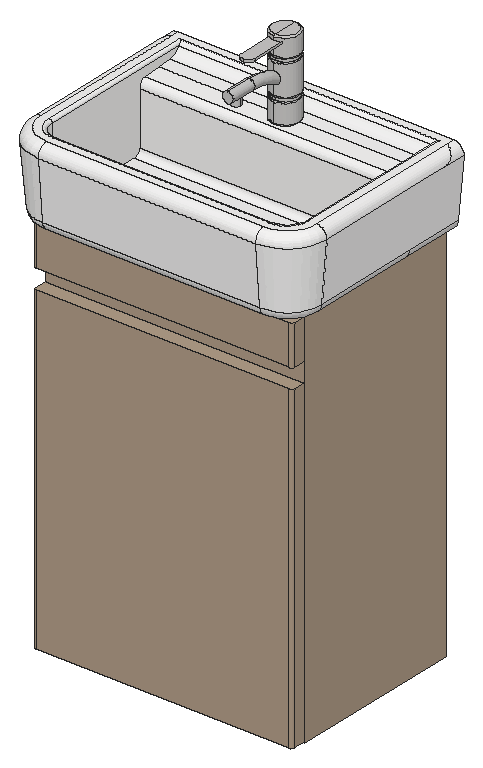
Revit family "CONV_Geberit_StorageUnits_IfoRenovaNr1Plan_45", category Furniture, Revit 2016
Family settings
  OmniClass Number = 23.40.20.21
  OmniClass Title = Toilet and Bath Specialties
  Work Plane-Based = No
  Always vertical = Yes
  Cut with Voids When Loaded = No
  Shared = No
  Room Calculation Point = No
Parameters (values of type "Ifo Renova Nr. 1 Plan Cabinet - 45 cm Elm")
  WashbasinVisibility [instance] = yes
  WarrantyStartDate [instance] = "n/a"
  WarrantyGuarantorParts = "n/a"
  WarrantyGuarantorLabor = "n/a"
  WarrantyDurationUnit = "Year"
  WarrantyDurationParts = "n/a"
  WarrantyDurationLabor = "n/a"
  WarrantyDescription = "n/a"
  VersionDate = "16/04/2018"  # constant formula
  Version = "1"  # constant formula
  Uniclass2015Reference = "Pr_40_30_78_03"
  Uniclass2015Description = "Bathroom cabinets"
  Uniclass2 = "Pr_40_30_78_06"
  URL = "https://www.ifo.se/"
  Type Comments = ""
  TagNumber [instance] = "n/a"
  SustainabilityPerformance = "n/a"
  Style = "n/a"
  Size = "450x320x810 mm"
  Shape = "Rectangular"
  SerialNumber [instance] = "n/a"
  Revision = "n/a"
  ReplacementCost = "n/a"
  ProductURL_SE = "http://www.ifo.se/produkter/mobler/"
  ProductURL_NO = "http://www.ifosanitar.no/produkter/baderomsmbler/"
  ProductURL_DK = "http://www.ifo.dk/produkter/badevrelsesmbler/"
  ProductInformation = "Ifo Renova Nr. 1 plan cabinet in moisture resistant material with soft closing cover that can be right or left mounted. The integrated handle makes the door easy to open. Washbasins are ordered separately."
  NotWashbasin [instance] = not(WashbasinVisibility)  # no
  NominalLength = 450 mm
  NominalHeight = 810.4 mm
  NominalDepth = 320 mm
  Name = "StorageUnits_IfoRenovaNr1Plan_45"
  NBSReference = "45-35-72/318"
  NBSDescription = "Bathroom cabinets"
  ModelReference = "n/a"
  ModelNumber = "44752"
  Material = "Wood, metal, porcelain"
  ManufacturerURL = "https://www.ifo.se/"
  ManufacturerName = "Ifo (Geberit Group)"
  MainColor = "Wooden"
  InstallationDate [instance] = "n/a"
  ExpiringDate = "12/2018"  # constant formula
  Elevation [instance] = 450 mm
  EANNumber = "7391515443837"
  Description = ""
  Collection = "Ifo Renova"
  Model = "Ifo Renova Nr. 1 Plan Cabinet - 45 cm Elm"
  Manufacturer = "Ifo (Geberit Group)"
  IfcExportType = "CABINET"  # constant formula
  IfcExportAs = "IfcFurnitureType"  # constant formula
  Grade = "n/a"
  Finish = "n/a"
  Features = "n/a"
  ExpectedLife = "n/a"
  DurationUnit = "Year"
  Cost = 0
  ConvergoRefNr = "0132-1802-0006-SE"
  Constituents = "Washbasin sold separately"
  Color = "Wooden"
  CodePerformance = "n/a"
  Category = "Sink Cabinet"
  CabinetTertiaryMaterial = Stainless Steel, Polished
  CabinetSecondaryMaterial = Porcelain, White
  CabinetMainMaterial = Elm
  Brand = "Ifo"
  Barcode [instance] = "n/a"
  BIMObjectName = "CONV_Geberit_StorageUnits_IfoRenovaNr1Plan_45"
  Author = "Convergo AB"  # constant formula
  AssetType = "Fixed"
  AssetIdentifier [instance] = "n/a"
  AccessibilityPerformance = "n/a"
Types (4, lengths in mm): name | ModelNumber | MainColor | Elevation | EANNumber | Model | Color | CabinetMainMaterial
  (no name) | "44752" | "Wooden" | 450 | "7391515443837" | "Ifo Renova Nr. 1 Plan Cabinet - 45 cm Elm" | "Wooden" | Elm
  Ifo Renova Nr. 1 Plan Cabinet - 45 cm White | "44750" | "White" | 444.872 | "7391515443370" | "Ifo Renova Nr. 1 Plan Cabinet - 45 cm White" | "White" | White
  Ifo Renova Nr. 1 Plan Cabinet - 45 cm Grey | "44751" | "Grey" | 444.872 | "7391515443820" | "Ifo Renova Nr. 1 Plan Cabinet - 45 cm Grey" | "Grey" | Grey
  Ifo Renova Nr. 1 Plan Cabinet - 45 cm Elm | "44752" | "Wooden" | 450 | "7391515443837" | "Ifo Renova Nr. 1 Plan Cabinet - 45 cm Elm" | "Wooden" | Elm
Reference planes
  plane 1 "Center (Front/Back)": y = 0
  plane 2: z = 0
  plane 3 "Center (Left/Right)": x = 0
  plane 4: y = 160
  plane 5: y = -160
  plane 6: x = -225
  plane 7: x = 225
  plane 8: z = 450
  plane 9: z = 1260.4
Forms (mm)
  Extrusion 1, solid, material "Elm" <- "CabinetMainMaterial", visible <- "WashbasinVisibility", detail levels coarse
    sketch origin (0, 0, 0.013) x (1, 0, 0) y (0, 0, 1)
      loop
        line (-225, 1260.387) -> (-225, 449.987) -> (225, 449.987) -> (225, 1260.387) -> (-225, 1260.387)
    from 160 to -160
  Extrusion 2, solid, material "Elm" <- "CabinetMainMaterial", visible <- "NotWashbasin", detail levels coarse
    sketch origin (0, 0, 0) x (1, 0, 0) y (0, 0, 1)
      loop
        line (-197, 1029) -> (-197, 450) -> (197, 450) -> (197, 1029) -> (-197, 1029)
    from 130 to -160
Lines and regions (mm)
  symbolic lines, visible <- "WashbasinVisibility", detail levels medium+fine
    curve 1: line (0, 160, 1150) -> (0, 123.259, 1150)
    curve 2: arc (0, -154.598, 1150) -> (0, -158.48, 1148.392) -> (0, -160.088, 1144.51) r 5.49
    curve 3: arc (0, -160.088, 1144.51) -> (0, -157.261, 1088.298) -> (0, -148.809, 1032.653) r 560.322
    curve 4: arc (0, -148.809, 1032.653) -> (0, -147.377, 1030.12) -> (0, -144.692, 1029) r 4.485
    curve 5: line (0, -144.692, 1029) -> (0, -125.268, 1029)
    curve 6: line (0, 160, 1150) -> (0, 160, 1029)
    curve 17: line (-219.41, 0, 1148.848) -> (-21.001, 0, 1148.848)
    curve 18: arc (-220.884, 0, 1148.769) -> (-220.148, 0, 1148.828) -> (-219.41, 0, 1148.848) r 13.757
    curve 19: arc (-225, 0, 1143.888) -> (-223.921, 0, 1147.154) -> (-220.884, 0, 1148.769) r 4.62
    curve 20: arc (-211.9, 0, 1029.054) -> (-219.208, 0, 1086.384) -> (-225, 0, 1143.888) r 2189.952
    curve 21: arc (-211.166, 0, 1029) -> (-211.534, 0, 1029.01) -> (-211.9, 0, 1029.054) r 3.967
    curve 22: line (-211.166, 0, 1029) -> (-197.012, 0, 1029)
    curve 31: line (-222.737, 160, 0) -> (0, 160, 0)
    curve 32: arc (-222.737, 160, 0) -> (-225.05, 20.453, 0) -> (-222.737, -119.095, 0) r 4210.49
    curve 33: arc (-222.737, -119.095, 0) -> (-214.058, -141.838, 0) -> (-193.223, -154.426, 0) r 37.41
    curve 34: arc (-193.223, -154.426, 0) -> (-186.271, -155.634, 0) -> (-179.244, -156.28, 0) r 87.906
    curve 47: line (0, 120.851, 1260.413) -> (0, 83.651, 1260.413)
    curve 48: line (0, 120.851, 1260.413) -> (0, 123.251, 1258.013)
    curve 49: line (0, 123.251, 1258.013) -> (0, 123.251, 1231.466)
    curve 50: line (0, 83.651, 1260.413) -> (0, 81.251, 1258.013)
    curve 51: line (0, 81.251, 1258.013) -> (0, 81.251, 1253.169)
    curve 55: line (0, 81.251, 1250.169) -> (0, 81.251, 1231.466)
    curve 56: line (0, 81.251, 1253.169) -> (0, 22.197, 1253.169)
    curve 57: line (0, 22.197, 1253.169) -> (0, 22.197, 1250.169)
    curve 58: line (0, 22.197, 1250.169) -> (0, 81.251, 1250.169)
    curve 59: line (0, 15.868, 1205.538) -> (0, 15.868, 1198.538)
    curve 60: line (0, 15.868, 1198.538) -> (0, 1.875, 1198.538)
    curve 61: line (0, 1.875, 1198.538) -> (0, 1.875, 1205.538)
    curve 62: line (0, 1.875, 1205.538) -> (0, -6.204, 1205.538)
    curve 63: line (0, -6.204, 1205.538) -> (0, -6.204, 1221.538)
    curve 64: line (0, -6.204, 1221.538) -> (0, 34.727, 1221.538)
    curve 65: arc (0, 34.727, 1221.538) -> (0, 58.54, 1218.962) -> (0, 81.251, 1211.351) r 111.325
    curve 66: line (0, 15.868, 1205.538) -> (0, 34.931, 1205.538)
    curve 67: arc (0, 34.931, 1205.538) -> (0, 58.859, 1202.482) -> (0, 81.251, 1193.509) r 95.194
    curve 70: line (0, 81.251, 1211.351) -> (0, 81.251, 1223.425)
    curve 71: line (0, 122.27, 1224.425) -> (0, 121.005, 1224.425)
    curve 72: line (0, 122.251, 1230.466) -> (0, 121.005, 1230.466)
    curve 73: arc (0, 123.251, 1231.466) -> (0, 122.958, 1230.759) -> (0, 122.251, 1230.466) r 1
    curve 74: line (0, 123.27, 1223.425) -> (0, 123.27, 1177.417)
    curve 75: line (0, 123.259, 1150) -> (0, 123.259, 1169.431)
    curve 76: line (0, 122.259, 1170.431) -> (0, 121.036, 1170.431)
    curve 77: line (0, 81.283, 1150) -> (0, 81.283, 1169.431)
    curve 78: arc (0, 123.259, 1169.431) -> (0, 122.966, 1170.138) -> (0, 122.259, 1170.431) r 1
    curve 79: arc (0, 82.283, 1170.431) -> (0, 81.576, 1170.138) -> (0, 81.283, 1169.431) r 1
    curve 80: arc (0, 123.27, 1223.425) -> (0, 122.977, 1224.133) -> (0, 122.27, 1224.425) r 1
    curve 81: arc (0, 81.251, 1223.425) -> (0, 81.543, 1224.133) -> (0, 82.251, 1224.425) r 1
    curve 82: arc (0, 82.251, 1230.466) -> (0, 81.543, 1230.759) -> (0, 81.251, 1231.466) r 1
    curve 83: line (0, 81.251, 1193.509) -> (0, 81.251, 1177.417)
    curve 84: line (0, 82.251, 1176.417) -> (0, 83.603, 1176.417)
    curve 85: arc (0, 82.251, 1176.417) -> (0, 81.543, 1176.709) -> (0, 81.251, 1177.417) r 1
    curve 86: arc (0, 122.27, 1176.417) -> (0, 122.977, 1176.709) -> (0, 123.27, 1177.417) r 1
    curve 87: line (0, 121.036, 1176.417) -> (0, 121.036, 1170.431)
    curve 88: line (0, 83.603, 1176.417) -> (0, 83.603, 1170.431)
    curve 89: line (0, 121.005, 1230.466) -> (0, 121.005, 1224.425)
    curve 90: line (0, 83.655, 1230.466) -> (0, 83.655, 1224.425)
    curve 92: line (0, 83.655, 1230.466) -> (0, 82.251, 1230.466)
    curve 94: line (0, 83.655, 1224.425) -> (0, 82.251, 1224.425)
    curve 96: line (0, 121.036, 1176.417) -> (0, 122.27, 1176.417)
    curve 98: line (0, 83.603, 1170.431) -> (0, 82.283, 1170.431)
    curve 100: line (0, 81.283, 1150) -> (0, -154.598, 1150)
    curve 102: line (-18.6, 0, 1260.4) -> (-21, 0, 1258)
    curve 104: line (-21, 0, 1258) -> (-21, 0, 1230.45)
    curve 105: line (-20, 0, 1229.45) -> (-18.68, 0, 1229.45)
    curve 106: line (-21.01, 0, 1222.498) -> (-21.01, 0, 1176.44)
    curve 107: line (-20.01, 0, 1175.44) -> (-18.645, 0, 1175.44)
    curve 108: line (-20.001, 0, 1169.469) -> (-18.645, 0, 1169.469)
    curve 109: line (-21.001, 0, 1168.469) -> (-21.001, 0, 1148.848)
    curve 110: arc (-21.001, 0, 1168.469) -> (-20.709, 0, 1169.176) -> (-20.001, 0, 1169.469) r 1
    curve 111: arc (-20.01, 0, 1175.44) -> (-20.717, 0, 1175.733) -> (-21.01, 0, 1176.44) r 1
    curve 112: arc (-21.01, 0, 1222.498) -> (-20.717, 0, 1223.205) -> (-20.01, 0, 1223.498) r 1
    curve 113: arc (-20, 0, 1229.45) -> (-20.707, 0, 1229.743) -> (-21, 0, 1230.45) r 1
    curve 116: line (-18.645, 0, 1175.44) -> (-18.645, 0, 1169.469)
    curve 117: line (-18.68, 0, 1229.45) -> (-18.68, 0, 1223.498)
    curve 118: line (-18.68, 0, 1223.498) -> (-20.01, 0, 1223.498)
    curve 120: arc (220.884, 0, 1148.769) -> (220.148, 0, 1148.828) -> (219.41, 0, 1148.848) r 13.757
    curve 121: arc (225, 0, 1143.888) -> (223.921, 0, 1147.154) -> (220.884, 0, 1148.769) r 4.62
    curve 122: arc (215.184, 0, 1032.517) -> (220.804, 0, 1088.139) -> (225, 0, 1143.888) r 2185.877
    curve 123: arc (211.166, 0, 1029) -> (213.855, 0, 1029.981) -> (215.184, 0, 1032.517) r 3.967
    curve 124: line (211.166, 0, 1029) -> (197.012, 0, 1029)
    curve 134: line (18.6, 0, 1260.4) -> (21, 0, 1258)
    curve 136: line (21, 0, 1258) -> (21, 0, 1230.45)
    curve 137: line (20, 0, 1229.45) -> (18.68, 0, 1229.45)
    curve 138: line (21.01, 0, 1222.498) -> (21.01, 0, 1176.44)
    curve 139: line (20.01, 0, 1175.44) -> (18.645, 0, 1175.44)
    curve 140: line (20.001, 0, 1169.469) -> (18.645, 0, 1169.469)
    curve 141: line (21.001, 0, 1168.469) -> (21.001, 0, 1148.848)
    curve 142: arc (21.001, 0, 1168.469) -> (20.709, 0, 1169.176) -> (20.001, 0, 1169.469) r 1
    curve 143: arc (20.01, 0, 1175.44) -> (20.717, 0, 1175.733) -> (21.01, 0, 1176.44) r 1
    curve 144: arc (21.01, 0, 1222.498) -> (20.717, 0, 1223.205) -> (20.01, 0, 1223.498) r 1
    curve 145: arc (20, 0, 1229.45) -> (20.707, 0, 1229.743) -> (21, 0, 1230.45) r 1
    curve 148: line (18.645, 0, 1175.44) -> (18.645, 0, 1169.469)
    curve 149: line (18.68, 0, 1229.45) -> (18.68, 0, 1223.498)
    curve 150: line (18.68, 0, 1223.498) -> (20.01, 0, 1223.498)
    curve 162: line (222.737, 160, 0) -> (0, 160, 0)
    curve 163: arc (222.737, 160, 0) -> (225.05, 20.453, 0) -> (222.737, -119.095, 0) r 4210.49
    curve 164: arc (222.737, -119.095, 0) -> (214.058, -141.838, 0) -> (193.223, -154.426, 0) r 37.41
    curve 186: arc (193.223, -154.426, 0) -> (186.271, -155.634, 0) -> (179.244, -156.28, 0) r 87.906
    curve 187: arc (-179.244, -156.28, 0) -> (0, -160.898, 0) -> (179.244, -156.28, 0) r 3480.433
    curve 197: line (-18.6, 0, 1260.4) -> (18.6, 0, 1260.4)
    curve 199: line (21.001, 0, 1148.848) -> (220.59, 0, 1148.848)
  symbolic lines, detail levels medium+fine
    curve 7: line (0, 160, 450) -> (0, -107, 450)
    curve 8: line (0, -107, 939) -> (0, -127, 939)
    curve 9: line (0, -107, 969.282) -> (0, -126.648, 969.282)
    curve 10: line (0, -128.225, 1026.043) -> (0, -128.225, 970.859)
    curve 11: arc (0, -128.225, 970.859) -> (0, -127.763, 969.744) -> (0, -126.648, 969.282) r 1.577
    curve 12: arc (0, -125.268, 1029) -> (0, -127.359, 1028.134) -> (0, -128.225, 1026.043) r 2.957
    curve 13: line (0, -129, 937) -> (0, -129, 452)
    curve 14: line (0, -107, 450) -> (0, -127, 450)
    curve 15: arc (0, -127, 450) -> (0, -128.414, 450.586) -> (0, -129, 452) r 2
    curve 16: arc (0, -127, 939) -> (0, -128.414, 938.414) -> (0, -129, 937) r 2
    curve 23: line (-197.012, 0, 1029) -> (-197.012, 0, 452)
    curve 27: line (-195.012, 0, 450) -> (0, 0, 450)
    curve 125: line (197.012, 0, 1029) -> (197.012, 0, 452)
    curve 129: line (195.012, 0, 450) -> (0, 0, 450)
    curve 188: line (0, 160, 1029) -> (0, 160, 450)
    curve 200: arc (195.012, 0, 450) -> (196.426, 0, 450.586) -> (197.012, 0, 452) r 2
    curve 201: arc (-197.012, 0, 452) -> (-196.426, 0, 450.586) -> (-195.012, 0, 450) r 2
    curve 203: line (0, -107, 939) -> (0, -107, 969.282)
  symbolic lines, detail levels fine
    curve 24: line (-195.012, 0, 969) -> (0, 0, 969)
    curve 25: line (-181.012, 0, 969) -> (-181.012, 0, 939)
    curve 26: line (-195.012, 0, 939) -> (0, 0, 939)
    curve 28: arc (-197.012, 0, 937) -> (-196.426, 0, 938.414) -> (-195.012, 0, 939) r 2
    curve 29: arc (-197.012, 0, 971) -> (-196.426, 0, 969.586) -> (-195.012, 0, 969) r 2
    curve 30: arc (-197.012, 0, 1027) -> (-196.426, 0, 1028.414) -> (-195.012, 0, 1029) r 2
    curve 45: line (0, -107, 506.5) -> (0, -107, 939)
    curve 46: line (0, -107, 1021.77) -> (0, -107, 1029)
    curve 126: line (195.012, 0, 969) -> (0, 0, 969)
    curve 127: line (181.012, 0, 969) -> (181.012, 0, 939)
    curve 128: line (195.012, 0, 939) -> (0, 0, 939)
    curve 130: arc (197.012, 0, 937) -> (196.426, 0, 938.414) -> (195.012, 0, 939) r 2
    curve 131: arc (197.012, 0, 971) -> (196.426, 0, 969.586) -> (195.012, 0, 969) r 2
    curve 132: arc (197.012, 0, 1027) -> (196.426, 0, 1028.414) -> (195.012, 0, 1029) r 2
    curve 202: line (0, -107, 450) -> (0, -107, 506.5)
    curve 204: line (0, -107, 969.282) -> (0, -107, 1021.77)
    curve 205: line (0, -125.268, 1029) -> (0, -107, 1029)
  symbolic lines, visible <- "WashbasinVisibility", detail levels fine
    curve 35: line (-188.296, 37.822, 0) -> (-188.296, -97.178, 0)
    curve 36: arc (-188.296, -97.178, 0) -> (-181.577, -113.397, 0) -> (-165.357, -120.116, 0) r 22.938
    curve 37: arc (-166.422, 59.696, 0) -> (-181.889, 53.289, 0) -> (-188.296, 37.822, 0) r 21.873
    curve 38: circle (0, 0, 0) r 22.816 normal (0, 0, 1)
    curve 39: line (-181.677, 144.524, 0) -> (0, 144.524, 0)
    curve 40: arc (-193.882, 132.319, 0) -> (-190.307, 140.95, 0) -> (-181.677, 144.524, 0) r 12.205
    curve 41: line (-193.882, 132.319, 0) -> (-193.882, 52.319, 0)
    curve 42: arc (-193.882, 52.319, 0) -> (-192.451, 43.244, 0) -> (-188.296, 35.051, 0) r 29.483
    curve 43: line (-197.012, 0, 1029) -> (0, 0, 1029)
    curve 44: line (0, -107, 1029) -> (0, 160, 1029)
    curve 52: line (0, 81.251, 1253.169) -> (0, 83.784, 1253.169)
    curve 53: line (0, 83.784, 1253.169) -> (0, 83.784, 1250.169)
    curve 54: line (0, 83.784, 1250.169) -> (0, 81.251, 1250.169)
    curve 68: arc (0, 81.251, 1211.351) -> (0, 82.923, 1202.43) -> (0, 81.251, 1193.509) r 24.624
    curve 69: arc (0, 15.868, 1205.538) -> (0, 8.871, 1209.539) -> (0, 1.875, 1205.538) r 8.118
    curve 91: line (0, 121.005, 1230.466) -> (0, 83.655, 1230.466)
    curve 93: line (0, 121.005, 1224.425) -> (0, 83.655, 1224.425)
    curve 95: line (0, 83.603, 1176.417) -> (0, 121.036, 1176.417)
    curve 97: line (0, 121.036, 1170.431) -> (0, 83.603, 1170.431)
    curve 99: line (0, 123.259, 1150) -> (0, 81.283, 1150)
    curve 103: line (-10, 0, 1252.169) -> (-10, 0, 1249.169)
    curve 114: arc (0, 0, 1220.538) -> (-8, 0, 1212.538) -> (0, 0, 1204.538) r 8
    curve 115: line (-6.996, 0, 1197.538) -> (-6.996, 0, 1208.659)
    curve 133: line (197.012, 0, 1029) -> (0, 0, 1029)
    curve 135: line (10, 0, 1252.169) -> (10, 0, 1249.169)
    curve 146: arc (0, 0, 1220.538) -> (8, 0, 1212.538) -> (0, 0, 1204.538) r 8
    curve 147: line (6.996, 0, 1197.538) -> (6.996, 0, 1208.659)
    curve 152: arc (0, 123.251, 0) -> (-21, 102.251, 0) -> (0, 81.251, 0) r 21
    curve 153: line (-7.995, 82.832, 0) -> (-7.995, 49.653, 0)
    curve 154: arc (-7.995, 49.653, 0) -> (-5.655, 43.989, 0) -> (0, 41.629, 0) r 8.024
    curve 165: line (188.296, 37.822, 0) -> (188.296, -97.178, 0)
    curve 166: arc (188.296, -97.178, 0) -> (181.577, -113.397, 0) -> (165.357, -120.116, 0) r 22.938
    curve 167: arc (166.422, 59.696, 0) -> (181.889, 53.289, 0) -> (188.296, 37.822, 0) r 21.873
    curve 168: line (181.677, 144.524, 0) -> (0, 144.524, 0)
    curve 169: arc (193.882, 132.319, 0) -> (190.307, 140.95, 0) -> (181.677, 144.524, 0) r 12.205
    curve 170: line (193.882, 132.319, 0) -> (193.882, 52.319, 0)
    curve 171: arc (193.882, 52.319, 0) -> (192.451, 43.244, 0) -> (188.296, 35.051, 0) r 29.483
    curve 172: arc (0, 123.251, 0) -> (21, 102.251, 0) -> (0, 81.251, 0) r 21
    curve 173: line (7.995, 82.832, 0) -> (7.995, 49.653, 0)
    curve 174: arc (7.995, 49.653, 0) -> (5.655, 43.989, 0) -> (0, 41.629, 0) r 8.024
    curve 182: line (-165.357, -120.116, 0) -> (165.357, -120.116, 0)
    curve 183: line (-166.422, 59.696, 0) -> (-7.995, 59.696, 0)
    curve 184: line (7.995, 59.696, 0) -> (166.422, 59.696, 0)
    curve 185: line (0, 123.251, 1258.013) -> (0, 81.251, 1258.013)
    curve 189: line (-18.68, 0, 1229.45) -> (18.68, 0, 1229.45)
    curve 190: line (-18.645, 0, 1169.469) -> (18.645, 0, 1169.469)
    curve 191: line (-18.645, 0, 1175.44) -> (18.645, 0, 1175.44)
    curve 192: line (-6.996, 0, 1197.538) -> (6.996, 0, 1197.538)
    curve 193: line (-18.68, 0, 1223.498) -> (18.68, 0, 1223.498)
    curve 194: line (-10, 0, 1249.169) -> (10, 0, 1249.169)
    curve 195: line (-10, 0, 1252.169) -> (10, 0, 1252.169)
    curve 196: line (-21, 0, 1258) -> (21, 0, 1258)
    curve 198: line (-21.001, 0, 1148.848) -> (21.001, 0, 1148.848)
  symbolic lines, visible <- "NotWashbasin", detail levels medium+fine
    curve 101: line (0, 160, 1029) -> (0, -107, 1029)
    curve 119: line (-197.012, 0, 1029) -> (0, 0, 1029)
    curve 151: line (197.012, 0, 1029) -> (0, 0, 1029)
    curve 155: line (-197, 160, 0) -> (-197, -106.955, 0)
    curve 156: line (-197, -106.955, 0) -> (-196.5, -106.955, 0)
    curve 157: line (-196.5, -106.955, 0) -> (-196.5, -125, 0)
    curve 158: line (-191.5, -130, 0) -> (0, -130, 0)
    curve 159: arc (-196.5, -125, 0) -> (-195.036, -128.536, 0) -> (-191.5, -130, 0) r 5
    curve 161: line (-197, 160, 0) -> (0, 160, 0)
    curve 175: line (197, 160, 0) -> (197, -106.955, 0)
    curve 176: line (197, -106.955, 0) -> (196.5, -106.955, 0)
    curve 177: line (196.5, -106.955, 0) -> (196.5, -125, 0)
    curve 178: line (191.5, -130, 0) -> (0, -130, 0)
    curve 179: arc (196.5, -125, 0) -> (195.036, -128.536, 0) -> (191.5, -130, 0) r 5
    curve 181: line (197, 160, 0) -> (0, 160, 0)
    curve 206: line (0, -107, 1029) -> (0, -125.268, 1029)
  symbolic lines, visible <- "NotWashbasin", detail levels fine
    curve 160: line (-196.5, -106.955, 0) -> (-0.003, -106.955, 0)
    curve 180: line (196.5, -106.955, 0) -> (-0.003, -106.955, 0)
Dimensions and locks
  equal spacing: plane 6, plane 3 "Center (Left/Right)", plane 7
  "NominalLength": plane 6 to plane 7
  equal spacing: plane 4, plane 1 "Center (Front/Back)", plane 5
  "NominalDepth": plane 4 to plane 5
  "Elevation": plane 8 to level
  "NominalHeight": plane 8 to plane 9
  aligned and locked: level to plane 2
  aligned and locked: curve 6 to plane 4
  aligned and locked: plane 8 to curve 7
  aligned and locked: plane 4 to nested 1
  aligned and locked: plane 8 to nested 1
  aligned and locked: nested 2 to plane 4
  aligned and locked: nested 1 to plane 8
  aligned and locked: curve 47 to nested 2
  aligned and locked: Extrusion 1 sketch curve to nested 2
  aligned and locked: plane 8 to Extrusion 1 sketch curve
  aligned and locked: plane 7 to Extrusion 1 sketch curve
  aligned and locked: Extrusion 1 to plane 5
  aligned and locked: plane 4 to Extrusion 1
  aligned and locked: Extrusion 1 to plane 9
  aligned and locked: nested 2 to nested 1
  aligned and locked: Extrusion 2 sketch curve to nested 1  (x3)
  aligned and locked: Extrusion 2 to curve 6
  aligned and locked: Extrusion 2 to plane 8
Automatic sketch dimensions
  curve 32 to plane 4 = 0 mm
  curve 152 to plane 3 "Center (Left/Right)" = 0 mm
  plane 1 "Center (Front/Back)" to curve 38 = 0 mm
  curve 38 to plane 3 "Center (Left/Right)" = 0 mm
  curve 158 to plane 3 "Center (Left/Right)" = 0 mm
  curve 154 to plane 3 "Center (Left/Right)" = 0 mm
  curve 161 to plane 3 "Center (Left/Right)" = 0 mm
  curve 187 to plane 3 "Center (Left/Right)" = 0 mm
  curve 168 to plane 3 "Center (Left/Right)" = 0 mm
  curve 174 to plane 3 "Center (Left/Right)" = 0.029 mm
  curve 153 to curve 174 = 7.966 mm
  plane 6 to curve 42 = 60.601 mm
  plane 6 to curve 182 = 59.643 mm
  curve 37 to curve 42 = 2.023 mm
  curve 34 to curve 36 = 9.359 mm
  plane 6 to curve 40 = 43.323 mm
  curve 33 to curve 36 = 19.99 mm
  curve 35 to curve 33 = 2.948 mm
  curve 159 to curve 33 = 6.152 mm
  curve 41 to curve 40 = 12.205 mm
  curve 157 to curve 36 = 8.204 mm
  curve 156 to curve 156 = 0.5 mm
  plane 6 to curve 31 = 2.263 mm
  curve 163 to plane 1 "Center (Front/Back)" = 20.453 mm
  curve 163 to plane 6 = 3760.44 mm
  plane 3 "Center (Left/Right)" to curve 154 = 0.029 mm
  curve 154 to curve 173 = 7.966 mm
  plane 7 to curve 182 = 59.643 mm
  curve 171 to curve 184 = 2.023 mm
  curve 166 to curve 186 = 9.359 mm
  curve 168 to plane 4 = 15.476 mm
  plane 7 to curve 168 = 43.323 mm
  curve 166 to curve 164 = 19.99 mm
  curve 167 to curve 165 = 21.873 mm
  curve 164 to curve 178 = 6.152 mm
  curve 169 to curve 170 = 12.205 mm
  curve 166 to curve 176 = 8.204 mm
  curve 169 to curve 181 = 15.323 mm
  plane 7 to curve 162 = 2.263 mm
  curve 32 to plane 1 "Center (Front/Back)" = 20.453 mm
  curve 32 to plane 7 = 3760.44 mm
  plane 1 "Center (Front/Back)" to curve 186 = 68.49 mm
  plane 1 "Center (Front/Back)" to curve 34 = 68.49 mm
  curve 35 to curve 34 = 28.688 mm
  curve 156 to curve 36 = 9.778 mm
  curve 180 to curve 166 = 9.778 mm
  curve 33 to curve 156 = 10.9 mm
  curve 164 to curve 176 = 10.9 mm
  curve 157 to curve 33 = 7.145 mm
  curve 167 to plane 1 "Center (Front/Back)" = 37.822 mm
  curve 37 to plane 1 "Center (Front/Back)" = 37.822 mm
  curve 154 to curve 184 = 10.043 mm
  curve 42 to curve 183 = 7.377 mm
  curve 171 to curve 184 = 7.377 mm
  curve 152 to curve 39 = 42.274 mm
  curve 31 to curve 187 = 3159.535 mm
  plane 5 to curve 187 = 3.72 mm
  curve 34 to curve 187 = 0 mm
  curve 33 to curve 34 = 0 mm
  curve 180 to plane 3 "Center (Left/Right)" = 0.003 mm
  curve 186 to curve 187 = 0 mm
  curve 164 to curve 186 = 0 mm
  curve 152 to curve 152 = 21 mm
  Extrusion 1 sketch curve to Extrusion 1 sketch curve = 810.4 mm
  plane 9 to curve 54 = 10.231 mm
  curve 54 to curve 47 = 37.066 mm
  curve 93 to curve 53 = 0.13 mm
  curve 47 to plane 9 = 0.013 mm
  curve 47 to curve 52 = 0.134 mm
  curve 88 to curve 90 = 0.052 mm
  curve 98 to curve 88 = 1.32 mm
  curve 85 to curve 84 = 1.352 mm
  curve 81 to curve 90 = 1.404 mm
  curve 82 to curve 90 = 1.404 mm
  curve 100 to curve 79 = 1 mm
  curve 70 to curve 81 = 1 mm
  curve 185 to curve 47 = 2.4 mm
  curve 58 to curve 53 = 2.534 mm
  curve 83 to curve 85 = 1 mm
  curve 68 to curve 70 = 22.951 mm
  curve 66 to curve 68 = 23.369 mm
  curve 64 to curve 66 = 0.204 mm
  plane 9 to curve 57 = 7.231 mm
  curve 57 to plane 1 "Center (Front/Back)" = 22.197 mm
  curve 59 to plane 1 "Center (Front/Back)" = 15.868 mm
  curve 69 to curve 59 = 6.996 mm
  curve 61 to plane 1 "Center (Front/Back)" = 1.875 mm
  plane 1 "Center (Front/Back)" to curve 62 = 6.204 mm
  plane 5 to curve 101 = 53 mm
  curve 12 to curve 44 = 18.268 mm
  curve 9 to curve 9 = 19.648 mm
  curve 14 to curve 7 = 20 mm
  curve 16 to curve 8 = 20 mm
  curve 10 to curve 12 = 2.957 mm
  curve 13 to curve 16 = 2 mm
  plane 5 to curve 4 = 15.599 mm
  curve 5 to curve 4 = 0.291 mm
  plane 5 to curve 100 = 5.402 mm
  curve 47 to curve 71 = 0.155 mm
  curve 84 to curve 95 = 37.433 mm
  curve 72 to curve 73 = 1.245 mm
  curve 76 to curve 76 = 1.223 mm
  curve 87 to curve 86 = 1.234 mm
  curve 71 to curve 80 = 1.265 mm
  plane 9 to curve 48 = 2.387 mm
  curve 47 to curve 48 = 2.4 mm
  curve 78 to curve 99 = 1 mm
  curve 80 to curve 74 = 1 mm
  plane 9 to curve 3 = 115.89 mm
  plane 4 to curve 3 = 240.234 mm
  curve 7 to curve 45 = 56.5 mm
  curve 8 to curve 203 = 30.282 mm
  curve 9 to curve 204 = 52.488 mm
  curve 46 to curve 10 = 4.273 mm
  curve 4 to curve 4 = 4.475 mm
  curve 65 to curve 57 = 139.955 mm
  curve 65 to curve 67 = 0.13 mm
  curve 2 to curve 100 = 5.49 mm
  curve 1 to curve 78 = 19.431 mm
  curve 88 to curve 84 = 5.985 mm
  curve 83 to curve 83 = 16.093 mm
  curve 60 to curve 59 = 7 mm
  curve 60 to curve 69 = 2.882 mm
  curve 68 to curve 66 = 3.108 mm
  curve 80 to curve 48 = 34.588 mm
  curve 71 to curve 89 = 6.04 mm
  curve 4 to curve 4 = 4.409 mm
  curve 20 to plane 6 = 0 mm
  curve 201 to plane 8 = 0 mm
  curve 146 to plane 3 "Center (Left/Right)" = 0 mm
  curve 43 to plane 3 "Center (Left/Right)" = 0 mm
  curve 26 to plane 3 "Center (Left/Right)" = 0 mm
  curve 24 to plane 3 "Center (Left/Right)" = 0 mm
  curve 27 to plane 3 "Center (Left/Right)" = 0 mm
  plane 7 to curve 122 = 0 mm
  plane 7 to curve 121 = 0 mm
  curve 122 to plane 9 = 19.659 mm
  curve 122 to plane 6 = 1731.631 mm
  plane 6 to curve 19 = 4.611 mm
  plane 6 to curve 18 = 5.59 mm
  plane 6 to curve 21 = 13.758 mm
  curve 21 to curve 22 = 0.076 mm
  curve 21 to curve 23 = 14.154 mm
  curve 23 to curve 27 = 2 mm
  curve 28 to curve 28 = 2 mm
  curve 29 to curve 24 = 2 mm
  curve 30 to curve 30 = 2 mm
  curve 111 to curve 109 = 0.008 mm
  plane 9 to curve 102 = 2.4 mm
  curve 102 to plane 3 "Center (Left/Right)" = 21 mm
  curve 106 to curve 118 = 1 mm
  curve 111 to curve 107 = 1 mm
  curve 110 to curve 110 = 1 mm
  curve 104 to curve 105 = 1 mm
  curve 105 to curve 189 = 1.32 mm
  curve 111 to curve 191 = 1.364 mm
  plane 9 to curve 197 = 0 mm
  curve 102 to curve 197 = 2.4 mm
  curve 194 to plane 3 "Center (Left/Right)" = 10 mm
  curve 115 to plane 3 "Center (Left/Right)" = 6.996 mm
  plane 3 "Center (Left/Right)" to curve 192 = 6.996 mm
  plane 3 "Center (Left/Right)" to curve 135 = 10 mm
  curve 135 to curve 197 = 8.6 mm
  plane 3 "Center (Left/Right)" to curve 190 = 18.645 mm
  curve 137 to curve 137 = 1.32 mm
  curve 140 to curve 142 = 1.356 mm
  curve 149 to curve 150 = 1.329 mm
  curve 139 to curve 139 = 1.364 mm
  curve 134 to curve 134 = 2.4 mm
  curve 142 to curve 141 = 1 mm
  curve 144 to curve 138 = 1 mm
  plane 7 to curve 132 = 29.988 mm
  plane 7 to curve 126 = 29.988 mm
  plane 8 to curve 200 = 2 mm
  plane 7 to curve 200 = 29.988 mm
  curve 130 to curve 130 = 2 mm
  plane 7 to curve 124 = 13.834 mm
  curve 123 to curve 123 = 0.076 mm
  plane 7 to curve 120 = 5.59 mm
  plane 7 to curve 121 = 4.611 mm
  curve 20 to plane 9 = 74.205 mm
  curve 20 to plane 7 = 1731.631 mm
  plane 9 to curve 130 = 323.4 mm
  curve 26 to curve 24 = 30 mm
  curve 29 to curve 30 = 56 mm
  curve 21 to curve 21 = 3.966 mm
  curve 123 to curve 123 = 3.966 mm
  curve 123 to curve 120 = 102.125 mm
  curve 21 to curve 18 = 102.125 mm
  curve 18 to curve 19 = 9.084 mm
  curve 120 to curve 121 = 9.084 mm
  curve 198 to curve 134 = 109.152 mm
  curve 17 to curve 109 = 19.621 mm
  curve 140 to curve 148 = 5.971 mm
  curve 111 to curve 192 = 21.098 mm
  curve 115 to curve 146 = 15 mm
  curve 146 to curve 112 = 9.96 mm
  curve 117 to curve 105 = 5.951 mm
  plane 9 to curve 103 = 11.231 mm
  curve 135 to curve 195 = 3 mm
  curve 19 to curve 18 = 0 mm
  curve 26 to curve 25 = 14 mm
  curve 127 to curve 128 = 14 mm
  curve 199 to curve 120 = 0.294 mm
  curve 146 to curve 114 = 8 mm
  curve 104 to curve 118 = 0.99 mm
  curve 145 to curve 136 = 1 mm
  plane 9 to Extrusion 2 sketch curve = 231.4 mm
  radius of curve 38 = 22.816 mm
Nested families
  nested 1: "ifo_renova_cabinet_45" at (0, 15, 450), CabinetMaterial <- "CabinetMainMaterial", type "ifo_renova_cabinet_45", detail levels medium+fine
    with CabinetMaterial Elm
  nested 2: "ifo_sink" at (0, 0, 1036), visible <- "WashbasinVisibility", FaucetMaterial <- "CabinetTertiaryMaterial", WashbasinMaterial <- "CabinetSecondaryMaterial", type "ifo_sink", detail levels medium+fine
    with WashbasinMaterial Porcelain, White, SinkWidth 450 mm, FaucetMaterial Stainless Steel, Polished
Definition of nested family "ifo_renova_cabinet_45"
  Parameters (values of type "ifo_renova_cabinet_45")
    CabinetMaterial [instance] = none
  Reference planes
    plane 1 "Center (Front/Back)": y = 0
    plane 2: z = 0
    plane 3 "Center (Left/Right)": x = 0
    plane 4: x = -197
    plane 5: x = 197
    plane 6: z = 586
    plane 7: y = 145
    plane 8: y = -145
  Forms (mm)
    Extrusion 1, solid, material <- "CabinetMaterial"
      sketch origin (0, 11, 0) x (1, 0, 0) y (0, 1, 0)
        loop
          line (-197, 134) -> (-197, -133) -> (197, -133) -> (197, 134) -> (-197, 134)
      from 0 to 586
    Extrusion 2, solid, material <- "CabinetMaterial"
      sketch origin (0, 11, 0) x (1, 0, 0) y (0, 0, 1)
        loop
          line (-196.5, 1) -> (196.5, 1) -> (196.5, 489) -> (-196.5, 489) -> (-196.5, 1)
      from 133 to 156
    Extrusion 3, solid, material <- "CabinetMaterial"
      sketch origin (0, 39.5, 0) x (1, 0, 0) y (0, 0, 1)
        loop
          line (-196.5, 579) -> (-196.5, 519) -> (196.5, 519) -> (196.5, 579) -> (-196.5, 579)
      from 161.5 to 184.5
    Extrusion 4, void
      sketch origin (0, 0, 0) x (1, 0, 0) y (0, 1, 0)
        loop
          line (-196.5, -135.548) -> (-203.542, -135.548) -> (-203.542, -150.548) -> (-187.94, -150.548) -> (-187.94, -145) -> (-191.5, -145)
          arc (-191.5, -145) -> (-195.036, -143.536) -> (-196.5, -140) r 5
          line (-196.5, -140) -> (-196.5, -135.548)
        loop
          arc (196.5, -140) -> (195.036, -143.536) -> (191.5, -145) r 5
          line (191.5, -145) -> (187.876, -145) -> (187.876, -149.494) -> (202.305, -149.494) -> (202.305, -136.041) -> (196.5, -136.041) -> (196.5, -140)
      from 0 to 659.383
  Cuts and joins
    Extrusion 4 cuts Extrusion 2
    Extrusion 4 cuts Extrusion 3
  Dimensions and locks
    equal spacing: plane 4, plane 3 "Center (Left/Right)", plane 5
    plane 4 to plane 5 = 394 mm
    plane 6 to level = 586 mm
    equal spacing: plane 7, plane 1 "Center (Front/Back)", plane 8
    plane 7 to plane 8 = 290 mm
    aligned and locked: level to plane 2
    aligned and locked: plane 4 to Extrusion 1 sketch curve
    aligned and locked: Extrusion 1 sketch curve to plane 5
    aligned and locked: plane 6 to Extrusion 1
  Automatic sketch dimensions
    level to Extrusion 2 sketch curve = 1 mm
    Extrusion 2 sketch curve to plane 6 = 97 mm
    plane 4 to Extrusion 2 sketch curve = 0.5 mm
    Extrusion 2 sketch curve to plane 5 = 0.5 mm
    plane 4 to Extrusion 3 sketch curve = 0.5 mm
    Extrusion 3 sketch curve to plane 5 = 0.5 mm
    Extrusion 3 sketch curve to plane 6 = 7 mm
    Extrusion 3 sketch curve to Extrusion 3 sketch curve = 60 mm
    Extrusion 1 sketch curve to plane 1 "Center (Front/Back)" = 145 mm
    plane 1 "Center (Front/Back)" to Extrusion 1 sketch curve = 122 mm
    Extrusion 4 sketch curve to plane 8 = 0 mm  (x2)
    Extrusion 4 sketch curve to plane 4 = 6.542 mm
    plane 4 to Extrusion 4 sketch curve = 0.5 mm
    plane 8 to Extrusion 4 sketch curve = 5 mm
    Extrusion 4 sketch curve to Extrusion 4 sketch curve = 3.56 mm
    Extrusion 4 sketch curve to plane 5 = 5.5 mm
    Extrusion 4 sketch curve to plane 5 = 0.5 mm
    plane 5 to Extrusion 4 sketch curve = 5.305 mm
    Extrusion 4 sketch curve to plane 8 = 4.494 mm
    Extrusion 4 sketch curve to plane 8 = 5.548 mm
    Extrusion 4 sketch curve to Extrusion 4 sketch curve = 3.959 mm
    Extrusion 4 sketch curve to Extrusion 4 sketch curve = 4.452 mm
    Extrusion 4 sketch curve to Extrusion 4 sketch curve = 3.624 mm
Definition of nested family "ifo_sink"
  Parameters (values of type "ifo_sink")
    WashbasinMaterial [instance] = none
    SinkWidth [instance] = 450 mm
    FaucetMaterial [instance] = none
  Reference planes
    plane 1 "Center (Front/Back)": y = 0
    plane 2: z = 0
    plane 3 "Center (Left/Right)": x = 0
    plane 4: z = 121
    plane 5: y = 160
    plane 6: y = -160
    plane 7: x = -225
    plane 8: x = 225
  Forms (mm)
    Sweep 1, solid, material <- "WashbasinMaterial"
      path origin (0, 0, 0) x (1, 0, 0) y (0, 1, 0)
        loop
          line (-225, 160) -> (-225, -100)
          arc (-225, -100) -> (-207.426, -142.426) -> (-165, -160) r 60
          line (-165, -160) -> (165, -160)
          arc (165, -160) -> (207.426, -142.426) -> (225, -100) r 60
          line (225, -100) -> (225, 160)
      profile origin (-225, 30, 0) x (1, 0, 0) y (0, 0, 1)
        loop
          arc (15.437, 121) -> (4.378, 116.134) -> (0.494, 104.693) r 15
          line (0.494, 104.693) -> (8.456, 13.693)
          arc (8.456, 13.693) -> (13.265, 3.941) -> (23.399, 0) r 15
          line (23.399, 0) -> (32.412, 0) -> (32.412, 116)
          arc (32.412, 116) -> (30.948, 119.536) -> (27.412, 121) r 5
          line (27.412, 121) -> (15.437, 121)
    Extrusion 2, solid, material <- "WashbasinMaterial"
      sketch origin (0, 0, 0) x (1, 0, 0) y (0, 1, 0)
        loop
          line (-240.617, 160) -> (-240.617, 8.815) -> (244.691, 8.815) -> (244.691, 160) -> (-240.617, 160)
      from -9.08 to 121
    Extrusion 3, void
      sketch origin (0, 0, 0) x (1, 0, 0) y (0, 0, 1)
        loop
          arc (-224.506, 104.693) -> (-220.622, 116.134) -> (-209.563, 121) r 15
          line (-209.563, 121) -> (-209.563, 133.522) -> (-253.685, 133.522) -> (-259.034, -19.656) -> (201.601, -19.656) -> (259.034, -19.656) -> (253.685, 133.522) -> (209.563, 133.522) -> (209.563, 121)
          arc (209.563, 121) -> (220.622, 116.134) -> (224.506, 104.693) r 15
          line (224.506, 104.693) -> (216.544, 13.693)
          arc (216.544, 13.693) -> (211.735, 3.941) -> (201.601, 0) r 15
          line (201.601, 0) -> (-201.601, 0)
          arc (-201.601, 0) -> (-211.735, 3.941) -> (-216.544, 13.693) r 15
          line (-216.544, 13.693) -> (-224.506, 104.693)
      from -231.308 to 250
    Extrusion 4, void
      sketch origin (0, 0, 0) x (0, 1, 0) y (0, 0, 1)
        loop
          arc (65.951, 91.348) -> (68.69, 98.829) -> (75.612, 102.773) r 11.587
          arc (75.612, 102.773) -> (88.885, 104.505) -> (102.251, 105.245) r 179.814
          arc (102.251, 105.245) -> (112.823, 105.603) -> (123.378, 106.297) r 333.325
          arc (123.378, 106.297) -> (133.295, 109.433) -> (140.865, 116.566) r 23.336
          arc (140.865, 116.566) -> (144.464, 119.822) -> (149.172, 121) r 10
          line (149.172, 121) -> (160, 121) -> (160, 124.904) -> (-174.995, 124.904) -> (-174.995, 0.831) -> (55.951, 0.831)
          arc (55.951, 0.831) -> (63.022, 3.76) -> (65.951, 10.831) r 10
          line (65.951, 10.831) -> (65.951, 91.348)
      from -303.241 to 250
    Extrusion 5, solid, material <- "WashbasinMaterial"
      sketch origin (0, 0, 0) x (1, 0, 0) y (0, 1, 0)
        loop
          line (-192.588, 22.943) -> (-192.588, -100)
          arc (-192.588, -100) -> (-184.508, -119.508) -> (-165, -127.588) r 27.588
          line (-165, -127.588) -> (165, -127.588)
          arc (165, -127.588) -> (184.508, -119.508) -> (192.588, -100) r 27.588
          line (192.588, -100) -> (192.588, 22.943) -> (-192.588, 22.943)
      from 0 to 0.831
    Extrusion 6, void
      sketch origin (0, 0, 0) x (1, 0, 0) y (0, 1, 0)
        loop
          circle (0, 0) r 20
      from 0 to 250
    Revolve 7, solid, material <- "FaucetMaterial"
      sketch origin (0, 0, 0) x (0, 1, 0) y (0, 0, 1)
        loop
          line (102.251, 225.245) -> (102.251, 103.764) -> (123.251, 103.764) -> (123.251, 105.245) -> (123.251, 134.245)
          arc (123.251, 134.245) -> (122.958, 134.952) -> (122.251, 135.245) r 1
          line (122.251, 135.245) -> (121.4, 135.245)
          arc (121.4, 135.245) -> (121.047, 135.391) -> (120.9, 135.745) r 0.5
          line (120.9, 135.745) -> (120.9, 140.745)
          arc (120.9, 140.745) -> (121.047, 141.098) -> (121.4, 141.245) r 0.5
          line (121.4, 141.245) -> (122.251, 141.245)
          arc (122.251, 141.245) -> (122.958, 141.538) -> (123.251, 142.245) r 1
          line (123.251, 142.245) -> (123.251, 188.245)
          arc (123.251, 188.245) -> (122.958, 188.952) -> (122.251, 189.245) r 1
          line (122.251, 189.245) -> (121.4, 189.245)
          arc (121.4, 189.245) -> (121.047, 189.391) -> (120.9, 189.745) r 0.5
          line (120.9, 189.745) -> (120.9, 194.745)
          arc (120.9, 194.745) -> (121.047, 195.098) -> (121.4, 195.245) r 0.5
          line (121.4, 195.245) -> (122.251, 195.245)
          arc (122.251, 195.245) -> (122.958, 195.538) -> (123.251, 196.245) r 1
          line (123.251, 196.245) -> (123.251, 222.845) -> (120.851, 225.245) -> (102.251, 225.245)
        axis (102.251, 225.245) -> (102.251, 103.764)
      angle from 0 to 360
    Sweep 8, solid, material <- "FaucetMaterial"
      path origin (0, 0, 0) x (0, 1, 0) y (0, 0, 1)
        loop
          line (-6.204, 178.37) -> (33.796, 178.37)
          arc (33.796, 178.37) -> (70.162, 172.039) -> (102.251, 153.791) r 107.619
      profile origin (0, 13.796, 178.37) x (0, 0, 1) y (1, 0, 0)
        loop
          circle (0, 0) r 8
    Extrusion 9, solid, material <- "FaucetMaterial"
      sketch origin (0, 0, 0) x (1, 0, 0) y (0, 1, 0)
        loop
          circle (0, 8.871) r 6.996
      from 163.37 to 178.37
    Extrusion 10, solid, material <- "FaucetMaterial"
      sketch origin (0, 0, 0) x (1, 0, 0) y (0, 1, 0)
        loop
          line (-10, 89.577) -> (-10, 32.197)
          arc (-10, 32.197) -> (0, 22.197) -> (10, 32.197) r 10
          line (10, 32.197) -> (10, 89.577) -> (-10, 89.577)
      from 218 to 215
  Cuts and joins
    Extrusion 3, Extrusion 6 cuts Sweep 1
    Extrusion 3, Extrusion 4, Extrusion 6 cuts Extrusion 2
    Extrusion 6 cuts Extrusion 5
    joined: Sweep 1, Extrusion 2, Extrusion 5
    joined: Revolve 7, Sweep 8, Extrusion 9, Extrusion 10
  Dimensions and locks
    equal spacing: plane 7, plane 3 "Center (Left/Right)", plane 8
    "SinkWidth": plane 7 to plane 8
    equal spacing: plane 6, plane 1 "Center (Front/Back)", plane 5
    plane 6 to plane 5 = 320 mm
    plane 4 to level = 121 mm
    aligned and locked: level to plane 2
  Automatic sketch dimensions
    Sweep 1 sketch curve to plane 7 = 0 mm
    plane 6 to Sweep 1 sketch curve = 0 mm
    Sweep 1 sketch curve to plane 8 = 0 mm
    plane 5 to Sweep 1 sketch curve = 0 mm  (x2)
    plane 7 to Sweep 1 sketch curve = 60 mm
    Sweep 1 sketch curve to plane 6 = 60 mm
    plane 5 to Extrusion 2 sketch curve = 0 mm
    Extrusion 2 sketch curve to Extrusion 2 sketch curve = 151.185 mm
    plane 8 to Extrusion 2 sketch curve = 19.691 mm
    Extrusion 2 sketch curve to plane 7 = 15.617 mm
    Extrusion 3 sketch curve to plane 4 = 0 mm  (x2)
    Extrusion 3 sketch curve to level = 0 mm
    Extrusion 3 sketch curve to plane 7 = 34.034 mm
    plane 4 to Extrusion 3 sketch curve = 12.522 mm  (x2)
    Extrusion 3 sketch curve to plane 7 = 28.685 mm
    plane 7 to Extrusion 3 sketch curve = 0.494 mm
    plane 7 to Extrusion 3 sketch curve = 8.456 mm
    plane 7 to Extrusion 3 sketch curve = 15.437 mm
    Extrusion 3 sketch curve to Extrusion 3 sketch curve = 14.943 mm
    Extrusion 3 sketch curve to plane 8 = 23.399 mm  (x2)
    Extrusion 3 sketch curve to plane 8 = 15.437 mm
    Extrusion 3 sketch curve to plane 8 = 8.456 mm
    Extrusion 3 sketch curve to plane 8 = 0.494 mm
    plane 8 to Extrusion 3 sketch curve = 28.685 mm
    plane 8 to Extrusion 3 sketch curve = 34.034 mm
    Extrusion 3 sketch curve to Extrusion 3 sketch curve = 19.656 mm
    level to Extrusion 3 sketch curve = 13.693 mm  (x2)
    Extrusion 3 sketch curve to plane 4 = 16.307 mm  (x2)
    Sweep 1 sketch curve to profile plane = 0.494 mm
    Sweep 1 sketch curve to profile plane = 8.456 mm
    Sweep 1 sketch curve to profile plane = 15.437 mm
    Sweep 1 sketch curve to Sweep 1 sketch curve = 14.943 mm
    Sweep 1 sketch curve to Sweep 1 sketch curve = 11.975 mm
    Sweep 1 sketch curve to Sweep 1 sketch curve = 9.013 mm
    level to Sweep 1 sketch curve = 13.693 mm
    Sweep 1 sketch curve to Sweep 1 sketch curve = 91 mm
    Sweep 1 sketch curve to Sweep 1 sketch curve = 1.307 mm
    Sweep 1 sketch curve to level = 0 mm
    Extrusion 4 sketch curve to plane 4 = 0 mm
    Extrusion 4 sketch curve to plane 5 = 0 mm
    plane 5 to Extrusion 4 sketch curve = 10.828 mm
    plane 4 to Extrusion 4 sketch curve = 8.555 mm
    Extrusion 4 sketch curve to Extrusion 4 sketch curve = 27.694 mm
    plane 5 to Extrusion 4 sketch curve = 54.505 mm
    plane 5 to Extrusion 4 sketch curve = 63.764 mm
    Extrusion 4 sketch curve to plane 4 = 29.652 mm
    Extrusion 4 sketch curve to Extrusion 4 sketch curve = 43.94 mm
    Extrusion 4 sketch curve to Extrusion 4 sketch curve = 11.587 mm
    Extrusion 4 sketch curve to Extrusion 4 sketch curve = 10 mm  (x2)
    plane 4 to Extrusion 4 sketch curve = 3.904 mm
    plane 6 to Extrusion 4 sketch curve = 14.995 mm
    level to Extrusion 4 sketch curve = 0.831 mm
    Extrusion 4 sketch curve to level = 74.54 mm
    Extrusion 4 sketch curve to Extrusion 4 sketch curve = 308.96 mm
    Extrusion 4 sketch curve to Extrusion 4 sketch curve = 0 mm  (x3)
    plane 7 to Extrusion 5 sketch curve = 32.412 mm
    Extrusion 5 sketch curve to Extrusion 5 sketch curve = 27.588 mm  (x2)
    Extrusion 5 sketch curve to plane 8 = 60 mm
    Extrusion 5 sketch curve to plane 6 = 32.412 mm
    Extrusion 5 sketch curve to plane 1 "Center (Front/Back)" = 22.943 mm
    plane 1 "Center (Front/Back)" to Extrusion 6 sketch curve = 0 mm
    Extrusion 6 sketch curve to plane 3 "Center (Left/Right)" = 0 mm
    Sweep 8 sketch curve to plane 1 "Center (Front/Back)" = 33.796 mm
    Sweep 8 sketch curve to plane 4 = 50.249 mm
    plane 1 "Center (Front/Back)" to Sweep 8 sketch curve = 6.204 mm
    plane 5 to Sweep 8 sketch curve = 57.749 mm
    plane 4 to Sweep 8 sketch curve = 32.791 mm
    Sweep 8 sketch curve to plane 3 "Center (Left/Right)" = 0 mm
    Sweep 8 sketch curve to profile plane = 0 mm
    Extrusion 9 sketch curve to plane 3 "Center (Left/Right)" = 0 mm
    Extrusion 9 sketch curve to plane 1 "Center (Front/Back)" = 8.871 mm
    plane 5 to Revolve 7 sketch curve = 57.749 mm
    Revolve 7 sketch curve to Revolve 7 sketch curve = 18.6 mm
    Revolve 7 sketch curve to Revolve 7 sketch curve = 0.05 mm
    plane 5 to Revolve 7 sketch curve = 39.1 mm
    Revolve 7 sketch curve to Revolve 7 sketch curve = 0.5 mm  (x4)
    Revolve 7 sketch curve to Revolve 7 sketch curve = 0.85 mm  (x4)
    Revolve 7 sketch curve to Revolve 7 sketch curve = 21 mm
    Revolve 7 sketch curve to Revolve 7 sketch curve = 2.4 mm  (x2)
    Revolve 7 sketch curve to Revolve 7 sketch curve = 1 mm
    Revolve 7 sketch curve to plane 4 = 17.236 mm
    Revolve 7 sketch curve to Revolve 7 sketch curve = 1.481 mm
    plane 4 to Revolve 7 sketch curve = 13.245 mm
    Revolve 7 sketch curve to Revolve 7 sketch curve = 5 mm  (x2)
    Revolve 7 sketch curve to Revolve 7 sketch curve = 46 mm
    Revolve 7 sketch curve to Revolve 7 sketch curve = 26.6 mm
    Revolve 7 sketch curve to Revolve 7 sketch curve = 18.65 mm
    plane 4 to Revolve 7 sketch curve = 12.127 mm
    Revolve 7 sketch curve to Revolve 7 sketch curve = 7.118 mm
    Extrusion 10 sketch curve to plane 3 "Center (Left/Right)" = 0 mm
    Extrusion 10 sketch curve to plane 3 "Center (Left/Right)" = 10 mm
    Extrusion 10 sketch curve to plane 1 "Center (Front/Back)" = 32.197 mm
    Extrusion 10 sketch curve to Extrusion 10 sketch curve = 57.38 mm
    radius of Extrusion 6 sketch curve = 20 mm
    radius of Sweep 8 sketch curve = 8 mm
    radius of Extrusion 9 sketch curve = 6.996 mm
